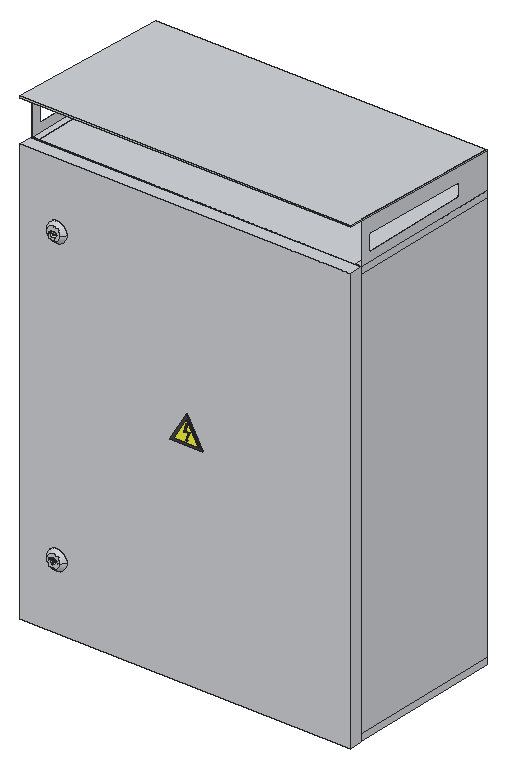
Revit family "STS-504А_RV17_LOD400 (05.11.23)", category Электрооборудование, Revit 2017
Family settings
  Конфигурация панели = Два столбца, слева направо
  Размер круглого соединителя = Использовать диаметр
  Тип детали = Щит
  На основе рабочей плоскости = Нет
  Всегда вертикально = Да
  При загрузке вырезать с полостями = Нет
  Общий = Нет
  Точка расчета площади = Нет
Parameters (values of type "STS-504А")
  Смещение_УГО_Y [instance] = 0 mm
  Смещение_УГО_X [instance] = 0 mm
  Раздел проекта [instance] = ""
  Раздел Спецификации [instance] = ""
  Номинальный ток автоматического выключателя напряжения питания, А = 25 A
  Напряжение электропитания постоянного тока вентилятора, В = 12
  Напряжение электропитания переменного тока, В/Гц = "220/50"
  Напряжение = "220"
  Конфигуратор контроллера STS-504 = "https://stilsoft.ru/calc504"
  Диапазон рабочих температур, °С = "от –40 до +50"
  Включение вентиляции при температуре, от, °С = 35
  Видимость_дверь [instance] = yes
  Видимость_УГО [instance] = yes
  Вариант исполнения = "уличный"
  В_Смещение_УГО_Y [instance] = Смещение_УГО_Y + 2000 mm  # 2000 mm
  В_Смещение_УГО_X [instance] = Смещение_УГО_X + 2000 mm  # 2000 mm
  d_короба = 0 mm
  ADSK_Размер_Ширина = 500 mm
  ADSK_Размер_Глубина = 257 mm
  ADSK_Размер_Высота = 715 mm
  ADSK_Примечание = ""
  ADSK_Наименование = "Контроллер STS-504A"
  ADSK_Масса = 17
  ADSK_Марка = "СТВФ.426471.470"
  ADSK_Количество = 1
  ADSK_Завод-изготовитель = "ООО «Основа Безопасности»"  # constant formula
  ADSK_Единица измерения = "шт."  # constant formula
  ADSK_URL страницы изделия = "https://stilsoft.ru/products/sts-504a"
  ADSK_URL документации изделия = ""
Reference planes
  plane 1 "По центру (Вперед/Назад)": y = 0
  plane 2: z = 0
  plane 3 "По центру (Влево/Вправо)": x = 0
  plane 4: y = 2000
  plane 5: x = -2000
  plane 6: x = 0
  plane 7: y = 0
  plane 8 "4": x = 250
  plane 9 "3": x = -250
  plane 10 "дверь": y = -257
  plane 11: z = 650
  plane 12 "1": z = 6
  plane 13 "крыша": through (0, -257, 713) normal (0, -0.0389, -0.9992)
  plane 14: z = 715
Forms (mm)
  Extrusion 1, solid, detail levels medium+fine
    sketch origin (0, 0, 0) x (1, 0, 0) y (0, 1, 0)
      loop
        line (-250, 0) -> (-250, -235) -> (-240, -235) -> (-240, -10) -> (240, -10) -> (240, -235) -> (250, -235) -> (250, 0) -> (-250, 0)
    from 16 to 650
  Extrusion 2, solid, detail levels medium+fine
    sketch origin (0, 0, 0) x (1, 0, 0) y (0, 0, 1)
      loop
        line (-250, 16) -> (-250, 6) -> (250, 6) -> (250, 16) -> (-250, 16)
      loop
        line (-250, 650) -> (-250, 640) -> (250, 640) -> (250, 650) -> (-250, 650)
    from 0 to 235
  Revolve 3, solid, detail levels medium+fine
    sketch origin (-125, -42.49, 0) x (0, -1, 0) y (0, 0, 1)
      loop
        line (0, 0) -> (12, 0) -> (12, 2) -> (14.5, 2) -> (14.5, 4) -> (17, 4) -> (17, 4.951) -> (20.994, 4.951) -> (20.994, 6) -> (0, 6) -> (0, 0)
      axis (0, 6) -> (0, 0)
    angle from 0 to 360
  Revolve 4, solid, detail levels medium+fine
    sketch origin (-75, -55.774, 1200) x (0, -1, 0) y (0, 0, 1)
      loop
        line (-13.284, -1200) -> (-1.284, -1200) -> (-1.284, -1198) -> (1.216, -1198) -> (1.216, -1196) -> (3.716, -1196) -> (3.716, -1195.049) -> (7.71, -1195.049) -> (7.71, -1194) -> (-13.284, -1194) -> (-13.284, -1200)
      axis (-13.284, -1194) -> (-13.284, -1200)
    angle from 0 to 360
  Revolve 5, solid, detail levels medium+fine
    sketch origin (-25, -42.49, 0) x (0, -1, 0) y (0, 0, 1)
      loop
        line (0, 0) -> (12, 0) -> (12, 2) -> (14.5, 2) -> (14.5, 4) -> (17, 4) -> (17, 4.951) -> (20.994, 4.951) -> (20.994, 6) -> (0, 6) -> (0, 0)
      axis (0, 6) -> (0, 0)
    angle from 0 to 360
  Revolve 6, solid, detail levels medium+fine
    sketch origin (25, -55.774, 1200) x (0, -1, 0) y (0, 0, 1)
      loop
        line (-13.284, -1200) -> (-1.284, -1200) -> (-1.284, -1198) -> (1.216, -1198) -> (1.216, -1196) -> (3.716, -1196) -> (3.716, -1195.049) -> (7.71, -1195.049) -> (7.71, -1194) -> (-13.284, -1194) -> (-13.284, -1200)
      axis (-13.284, -1194) -> (-13.284, -1200)
    angle from 0 to 360
  Revolve 7, solid, detail levels medium+fine
    sketch origin (75, -42.49, 0) x (0, -1, 0) y (0, 0, 1)
      loop
        line (0, 0) -> (12, 0) -> (12, 2) -> (14.5, 2) -> (14.5, 4) -> (17, 4) -> (17, 4.951) -> (20.994, 4.951) -> (20.994, 6) -> (0, 6) -> (0, 0)
      axis (0, 6) -> (0, 0)
    angle from 0 to 360
  Revolve 8, solid, detail levels medium+fine
    sketch origin (125, -55.774, 1200) x (0, -1, 0) y (0, 0, 1)
      loop
        line (-13.284, -1200) -> (-1.284, -1200) -> (-1.284, -1198) -> (1.216, -1198) -> (1.216, -1196) -> (3.716, -1196) -> (3.716, -1195.049) -> (7.71, -1195.049) -> (7.71, -1194) -> (-13.284, -1194) -> (-13.284, -1200)
      axis (-13.284, -1194) -> (-13.284, -1200)
    angle from 0 to 360
  Revolve 9, solid, detail levels medium+fine
    sketch origin (-100, -97, 0) x (0, -1, 0) y (0, 0, 1)
      loop
        line (0, 0) -> (12, 0) -> (12, 2) -> (14.5, 2) -> (14.5, 4) -> (17, 4) -> (17, 4.951) -> (20.994, 4.951) -> (20.994, 6) -> (0, 6) -> (0, 0)
      axis (0, 6) -> (0, 0)
    angle from 0 to 360
  Revolve 10, solid, detail levels medium+fine
    sketch origin (-50, -110.284, 1200) x (0, -1, 0) y (0, 0, 1)
      loop
        line (-13.284, -1200) -> (-1.284, -1200) -> (-1.284, -1198) -> (1.216, -1198) -> (1.216, -1196) -> (3.716, -1196) -> (3.716, -1195.049) -> (7.71, -1195.049) -> (7.71, -1194) -> (-13.284, -1194) -> (-13.284, -1200)
      axis (-13.284, -1194) -> (-13.284, -1200)
    angle from 0 to 360
  Revolve 11, solid, detail levels medium+fine
    sketch origin (0, -97, 0) x (0, -1, 0) y (0, 0, 1)
      loop
        line (0, 0) -> (12, 0) -> (12, 2) -> (14.5, 2) -> (14.5, 4) -> (17, 4) -> (17, 4.951) -> (20.994, 4.951) -> (20.994, 6) -> (0, 6) -> (0, 0)
      axis (0, 6) -> (0, 0)
    angle from 0 to 360
  Revolve 12, solid, detail levels medium+fine
    sketch origin (50, -110.284, 1200) x (0, -1, 0) y (0, 0, 1)
      loop
        line (-13.284, -1200) -> (-1.284, -1200) -> (-1.284, -1198) -> (1.216, -1198) -> (1.216, -1196) -> (3.716, -1196) -> (3.716, -1195.049) -> (7.71, -1195.049) -> (7.71, -1194) -> (-13.284, -1194) -> (-13.284, -1200)
      axis (-13.284, -1194) -> (-13.284, -1200)
    angle from 0 to 360
  Revolve 13, solid, detail levels medium+fine
    sketch origin (100, -97, 0) x (0, -1, 0) y (0, 0, 1)
      loop
        line (0, 0) -> (12, 0) -> (12, 2) -> (14.5, 2) -> (14.5, 4) -> (17, 4) -> (17, 4.951) -> (20.994, 4.951) -> (20.994, 6) -> (0, 6) -> (0, 0)
      axis (0, 6) -> (0, 0)
    angle from 0 to 360
  Extrusion 14, void
    sketch origin (0, 0, 0) x (1, 0, 0) y (0, 1, 0)
      loop
        circle (-125, -42.655) r 21.159
      loop
        circle (-75, -42.655) r 21.159
      loop
        circle (-25, -42.655) r 21.159
      loop
        circle (25, -42.655) r 21.159
      loop
        circle (75, -42.655) r 21.159
      loop
        circle (125, -42.655) r 21.159
      loop
        circle (-100, -97.165) r 21.159
      loop
        circle (-50, -97.165) r 21.159
      loop
        circle (0, -97.165) r 21.159
      loop
        circle (50, -97.165) r 21.159
      loop
        circle (100, -97.165) r 21.159
    from 6 to 16
  Extrusion 15, solid, visible <- "Видимость_дверь", detail levels medium+fine
    sketch origin (0, -257, -6.264) x (1, 0, 0) y (0, 0, 1)
      loop
        line (-250, 656.264) -> (-250, 12.264) -> (250, 12.264) -> (250, 656.264) -> (-250, 656.264)
    from 0 to -20
  Extrusion 16, solid, detail levels medium+fine
    sketch origin (-250, 0, 0) x (0, -1, 0) y (0, 0, 1)
      loop
        line (0, 703) -> (257, 713) -> (257, 715) -> (0, 705) -> (0, 703)
    from 0 to -500
  Extrusion 17, solid, detail levels medium+fine
    sketch origin (-250, 0, -60) x (0, -1, 0) y (0, 0, 1)
      loop
        line (0, 763) -> (0, 710) -> (235, 710) -> (235, 772.144) -> (0, 763)
      loop
        line (53.915, 722.913) -> (217.367, 722.913)
        arc (217.367, 722.913) -> (220.373, 724.158) -> (221.619, 727.165) r 4.252
        line (221.619, 727.165) -> (221.619, 746.005)
        arc (221.619, 746.005) -> (220.46, 748.802) -> (217.664, 749.96) r 3.955
        line (217.664, 749.96) -> (54.15, 743.597)
        arc (54.15, 743.597) -> (52.36, 742.855) -> (51.618, 741.064) r 2.532
        line (51.618, 741.064) -> (51.618, 725.21)
        arc (51.618, 725.21) -> (52.291, 723.585) -> (53.915, 722.913) r 2.297
    from 0 to -1
  Blend 18, solid, visible <- "Видимость_дверь", detail levels medium+fine
    base sketch origin (-257.145, -257, 209.136) x (1, 0, 0) y (0, 0, 1)
      loop
        circle (62.491, 341.124) r 15
    top sketch origin (-257.145, -257, 209.136) x (1, 0, 0) y (0, 0, 1)
      loop
        circle (62.491, 341.124) r 10
    from 0 to 6
  Extrusion 19, void, detail levels medium+fine
    sketch origin (-257.145, -257, 209.136) x (1, 0, 0) y (0, 0, 1)
      loop
        circle (62.263, 340.268) r 0.888
      loop
        line (55.364, 341.514) -> (55.364, 339.117) -> (57.397, 339.117)
        arc (57.397, 339.117) -> (62.263, 335.268) -> (67.128, 339.117) r 5
        line (67.128, 339.117) -> (69.161, 339.117) -> (69.161, 341.514) -> (67.105, 341.514)
        arc (67.105, 341.514) -> (62.263, 345.268) -> (57.42, 341.514) r 5
        line (57.42, 341.514) -> (55.364, 341.514)
    from 6 to 0.529
  Blend 20, solid, visible <- "Видимость_дверь", detail levels medium+fine
    base sketch origin (-257.145, -257, 296.864) x (1, 0, 0) y (0, 0, 1)
      loop
        circle (62.491, -191.124) r 15
    top sketch origin (-257.145, -257, 296.864) x (1, 0, 0) y (0, 0, 1)
      loop
        circle (62.491, -191.124) r 10
    from 0 to 6
  Extrusion 21, void, detail levels medium+fine
    sketch origin (-257.145, -257, 296.864) x (1, 0, 0) y (0, 0, 1)
      loop
        circle (62.263, -190.268) r 0.888
      loop
        line (55.364, -191.514) -> (57.42, -191.514)
        arc (57.42, -191.514) -> (62.263, -195.268) -> (67.105, -191.514) r 5
        line (67.105, -191.514) -> (69.161, -191.514) -> (69.161, -189.117) -> (67.128, -189.117)
        arc (67.128, -189.117) -> (62.263, -185.268) -> (57.397, -189.117) r 5
        line (57.397, -189.117) -> (55.364, -189.117) -> (55.364, -191.514)
    from 6 to 0.529
  Extrusion 22, solid, material "ЗНАЧЕК (1)", visible <- "Видимость_дверь", detail levels medium+fine
    sketch origin (2.041, -257, 199.413) x (1, 0, 0) y (0, 0, 1)
      loop
        line (25, 130) -> (0, 173) -> (-25, 130) -> (25, 130)
    from 0 to 0.2
  Extrusion 23, solid, material "ЗНАЧЕК (2)", visible <- "Видимость_дверь", detail levels medium+fine
    sketch origin (2.041, -257, 199.413) x (1, 0, 0) y (0, 0, 1)
      loop
        line (18, 134) -> (0, 165) -> (-18, 134) -> (18, 134)
    from 0 to 0.3
  Extrusion 24, solid, material "ЗНАЧЕК (1)", visible <- "Видимость_дверь", detail levels medium+fine
    sketch origin (2.041, -257, 199.413) x (1, 0, 0) y (0, 0, 1)
      loop
        line (0, 159.8) -> (-1.4, 159.8) -> (-4.015, 147.497) -> (2.6, 148.075) -> (-0.309, 137.932) -> (-1.555, 137.932) -> (0, 135.238) -> (1.886, 137.932) -> (0.321, 137.932) -> (4.567, 149.598) -> (-2.041, 149.251) -> (1.799, 159.8) -> (0, 159.8)
    from 0 to 0.4
  Extrusion 25, solid, detail levels medium+fine
    sketch origin (250, 0, -60) x (0, -1, 0) y (0, 0, -1)
      loop
        line (0, -765) -> (235, -774.144) -> (235, -710) -> (0, -710) -> (0, -765)
      loop
        arc (53.915, -722.913) -> (52.291, -723.585) -> (51.618, -725.21) r 2.297
        line (51.618, -725.21) -> (51.618, -741.064)
        arc (51.618, -741.064) -> (52.36, -742.855) -> (54.15, -743.597) r 2.532
        line (54.15, -743.597) -> (217.664, -749.96)
        arc (217.664, -749.96) -> (220.46, -748.802) -> (221.619, -746.005) r 3.955
        line (221.619, -746.005) -> (221.619, -727.165)
        arc (221.619, -727.165) -> (220.373, -724.158) -> (217.367, -722.913) r 4.252
        line (217.367, -722.913) -> (53.915, -722.913)
    from 0 to -1
Cuts and joins
  Extrusion 14 cuts Extrusion 2
  Extrusion 19, Extrusion 21 cuts Blend 18
  Extrusion 21 cuts Blend 20
Dimensions and locks
  locked: plane 4 to plane 1 "По центру (Вперед/Назад)" at 2000
  locked: plane 5 to plane 3 "По центру (Влево/Вправо)" at 2000
  "В_Смещение_УГО_X": plane 5 to plane 6
  "В_Смещение_УГО_Y": plane 4 to plane 7
  "ADSK_Размер_Ширина": plane 9 "3" to plane 8 "4"
  "ADSK_Размер_Глубина": plane 10 "дверь" to plane 1 "По центру (Вперед/Назад)"
  equal spacing: plane 9 "3", plane 3 "По центру (Влево/Вправо)", plane 8 "4"
  "ADSK_Размер_Высота": plane 14 to level
  aligned and locked: level to plane 2
  aligned and locked: nested 1 to plane 7
  aligned and locked: plane 6 to nested 1
Automatic sketch dimensions
  plane 1 "По центру (Вперед/Назад)" to Extrusion 1 sketch curve = 0 mm
  Extrusion 1 sketch curve to plane 9 "3" = 0 mm
  Extrusion 1 sketch curve to plane 8 "4" = 0 mm
  Extrusion 1 sketch curve to plane 9 "3" = 10 mm
  Extrusion 1 sketch curve to plane 8 "4" = 10 mm
  plane 1 "По центру (Вперед/Назад)" to Extrusion 1 sketch curve = 10 mm
  Extrusion 1 sketch curve to plane 10 "дверь" = 22 mm  (x2)
  plane 9 "3" to Extrusion 2 sketch curve = 0 mm  (x2)
  Extrusion 2 sketch curve to plane 8 "4" = 0 mm  (x2)
  Extrusion 2 sketch curve to plane 12 "1" = 0 mm
  Extrusion 2 sketch curve to plane 11 = 0 mm
  plane 12 "1" to Extrusion 2 sketch curve = 10 mm
  Extrusion 2 sketch curve to plane 11 = 10 mm
  Revolve 3 sketch curve to plane 12 "1" = 0 mm  (x2)
  Revolve 3 sketch curve to level = 0 mm  (x2)
  plane 1 "По центру (Вперед/Назад)" to Revolve 3 sketch curve = 42.49 mm
  level to Revolve 3 sketch curve = 2 mm
  Revolve 3 sketch curve to Revolve 3 sketch curve = 12 mm
  Revolve 3 sketch curve to Revolve 3 sketch curve = 2.5 mm  (x2)
  Revolve 3 sketch curve to plane 12 "1" = 1.049 mm
  Revolve 3 sketch curve to Revolve 3 sketch curve = 3.994 mm
  Revolve 3 sketch curve to plane 12 "1" = 2 mm
  Revolve 3 sketch curve to Revolve 3 sketch curve = 0 mm
  Revolve 4 sketch curve to plane 12 "1" = 0 mm  (x2)
  Revolve 4 sketch curve to level = 0 mm  (x2)
  plane 1 "По центру (Вперед/Назад)" to Revolve 4 sketch curve = 42.49 mm
  level to Revolve 4 sketch curve = 2 mm
  Revolve 4 sketch curve to Revolve 4 sketch curve = 12 mm
  Revolve 4 sketch curve to Revolve 4 sketch curve = 2.5 mm  (x2)
  Revolve 4 sketch curve to plane 12 "1" = 1.049 mm
  Revolve 4 sketch curve to Revolve 4 sketch curve = 3.994 mm
  Revolve 4 sketch curve to plane 12 "1" = 2 mm
  Revolve 4 sketch curve to Revolve 4 sketch curve = 0 mm
  Revolve 5 sketch curve to plane 12 "1" = 0 mm  (x2)
  Revolve 5 sketch curve to level = 0 mm  (x2)
  plane 1 "По центру (Вперед/Назад)" to Revolve 5 sketch curve = 42.49 mm
  level to Revolve 5 sketch curve = 2 mm
  Revolve 5 sketch curve to Revolve 5 sketch curve = 12 mm
  Revolve 5 sketch curve to Revolve 5 sketch curve = 2.5 mm  (x2)
  Revolve 5 sketch curve to plane 12 "1" = 1.049 mm
  Revolve 5 sketch curve to Revolve 5 sketch curve = 3.994 mm
  Revolve 5 sketch curve to plane 12 "1" = 2 mm
  Revolve 5 sketch curve to Revolve 5 sketch curve = 0 mm
  Revolve 6 sketch curve to plane 12 "1" = 0 mm  (x2)
  Revolve 6 sketch curve to level = 0 mm  (x2)
  plane 1 "По центру (Вперед/Назад)" to Revolve 6 sketch curve = 42.49 mm
  level to Revolve 6 sketch curve = 2 mm
  Revolve 6 sketch curve to Revolve 6 sketch curve = 12 mm
  Revolve 6 sketch curve to Revolve 6 sketch curve = 2.5 mm  (x2)
  Revolve 6 sketch curve to plane 12 "1" = 1.049 mm
  Revolve 6 sketch curve to Revolve 6 sketch curve = 3.994 mm
  Revolve 6 sketch curve to plane 12 "1" = 2 mm
  Revolve 6 sketch curve to Revolve 6 sketch curve = 0 mm
  Revolve 7 sketch curve to plane 12 "1" = 0 mm  (x2)
  Revolve 7 sketch curve to level = 0 mm  (x2)
  plane 1 "По центру (Вперед/Назад)" to Revolve 7 sketch curve = 42.49 mm
  level to Revolve 7 sketch curve = 2 mm
  Revolve 7 sketch curve to Revolve 7 sketch curve = 12 mm
  Revolve 7 sketch curve to Revolve 7 sketch curve = 2.5 mm  (x2)
  Revolve 7 sketch curve to plane 12 "1" = 1.049 mm
  Revolve 7 sketch curve to Revolve 7 sketch curve = 3.994 mm
  Revolve 7 sketch curve to plane 12 "1" = 2 mm
  Revolve 7 sketch curve to Revolve 7 sketch curve = 0 mm
  Revolve 8 sketch curve to plane 12 "1" = 0 mm  (x2)
  Revolve 8 sketch curve to level = 0 mm  (x2)
  plane 1 "По центру (Вперед/Назад)" to Revolve 8 sketch curve = 42.49 mm
  level to Revolve 8 sketch curve = 2 mm
  Revolve 8 sketch curve to Revolve 8 sketch curve = 12 mm
  Revolve 8 sketch curve to Revolve 8 sketch curve = 2.5 mm  (x2)
  Revolve 8 sketch curve to plane 12 "1" = 1.049 mm
  Revolve 8 sketch curve to Revolve 8 sketch curve = 3.994 mm
  Revolve 8 sketch curve to plane 12 "1" = 2 mm
  Revolve 8 sketch curve to Revolve 8 sketch curve = 0 mm
  Revolve 9 sketch curve to plane 12 "1" = 0 mm  (x2)
  Revolve 9 sketch curve to level = 0 mm  (x2)
  plane 1 "По центру (Вперед/Назад)" to Revolve 9 sketch curve = 97 mm
  level to Revolve 9 sketch curve = 2 mm
  Revolve 9 sketch curve to Revolve 9 sketch curve = 12 mm
  Revolve 9 sketch curve to Revolve 9 sketch curve = 2.5 mm  (x2)
  Revolve 9 sketch curve to plane 12 "1" = 1.049 mm
  Revolve 9 sketch curve to Revolve 9 sketch curve = 3.994 mm
  Revolve 9 sketch curve to plane 12 "1" = 2 mm
  Revolve 9 sketch curve to Revolve 9 sketch curve = 0 mm
  Revolve 10 sketch curve to plane 12 "1" = 0 mm  (x2)
  Revolve 10 sketch curve to level = 0 mm  (x2)
  plane 1 "По центру (Вперед/Назад)" to Revolve 10 sketch curve = 97 mm
  level to Revolve 10 sketch curve = 2 mm
  Revolve 10 sketch curve to Revolve 10 sketch curve = 12 mm
  Revolve 10 sketch curve to Revolve 10 sketch curve = 2.5 mm  (x2)
  Revolve 10 sketch curve to plane 12 "1" = 1.049 mm
  Revolve 10 sketch curve to Revolve 10 sketch curve = 3.994 mm
  Revolve 10 sketch curve to plane 12 "1" = 2 mm
  Revolve 10 sketch curve to Revolve 10 sketch curve = 0 mm
  Revolve 11 sketch curve to plane 12 "1" = 0 mm  (x2)
  Revolve 11 sketch curve to level = 0 mm  (x2)
  plane 1 "По центру (Вперед/Назад)" to Revolve 11 sketch curve = 97 mm
  level to Revolve 11 sketch curve = 2 mm
  Revolve 11 sketch curve to Revolve 11 sketch curve = 12 mm
  Revolve 11 sketch curve to Revolve 11 sketch curve = 2.5 mm  (x2)
  Revolve 11 sketch curve to plane 12 "1" = 1.049 mm
  Revolve 11 sketch curve to Revolve 11 sketch curve = 3.994 mm
  Revolve 11 sketch curve to plane 12 "1" = 2 mm
  Revolve 11 sketch curve to Revolve 11 sketch curve = 0 mm
  Revolve 12 sketch curve to plane 12 "1" = 0 mm  (x2)
  Revolve 12 sketch curve to level = 0 mm  (x2)
  plane 1 "По центру (Вперед/Назад)" to Revolve 12 sketch curve = 97 mm
  level to Revolve 12 sketch curve = 2 mm
  Revolve 12 sketch curve to Revolve 12 sketch curve = 12 mm
  Revolve 12 sketch curve to Revolve 12 sketch curve = 2.5 mm  (x2)
  Revolve 12 sketch curve to plane 12 "1" = 1.049 mm
  Revolve 12 sketch curve to Revolve 12 sketch curve = 3.994 mm
  Revolve 12 sketch curve to plane 12 "1" = 2 mm
  Revolve 12 sketch curve to Revolve 12 sketch curve = 0 mm
  Revolve 13 sketch curve to plane 12 "1" = 0 mm  (x2)
  Revolve 13 sketch curve to level = 0 mm  (x2)
  plane 1 "По центру (Вперед/Назад)" to Revolve 13 sketch curve = 97 mm
  level to Revolve 13 sketch curve = 2 mm
  Revolve 13 sketch curve to Revolve 13 sketch curve = 12 mm
  Revolve 13 sketch curve to Revolve 13 sketch curve = 2.5 mm  (x2)
  Revolve 13 sketch curve to plane 12 "1" = 1.049 mm
  Revolve 13 sketch curve to Revolve 13 sketch curve = 3.994 mm
  Revolve 13 sketch curve to plane 12 "1" = 2 mm
  Revolve 13 sketch curve to Revolve 13 sketch curve = 0 mm
  Extrusion 14 sketch curve to plane 3 "По центру (Влево/Вправо)" = 0 mm
  Extrusion 14 sketch curve to plane 3 "По центру (Влево/Вправо)" = 25 mm
  Extrusion 14 sketch curve to plane 3 "По центру (Влево/Вправо)" = 50 mm
  Extrusion 14 sketch curve to Extrusion 14 sketch curve = 50 mm  (x7)
  plane 3 "По центру (Влево/Вправо)" to Extrusion 14 sketch curve = 25 mm
  plane 1 "По центру (Вперед/Назад)" to Extrusion 14 sketch curve = 97.165 mm  (x2)
  Extrusion 14 sketch curve to Extrusion 14 sketch curve = 0 mm  (x3)
  plane 1 "По центру (Вперед/Назад)" to Extrusion 14 sketch curve = 42.655 mm  (x6)
  plane 9 "3" to Extrusion 15 sketch curve = 0 mm
  Extrusion 15 sketch curve to plane 8 "4" = 0 mm
  Extrusion 15 sketch curve to plane 12 "1" = 0 mm
  Extrusion 15 sketch curve to plane 11 = 0 mm
  Extrusion 16 sketch curve to plane 1 "По центру (Вперед/Назад)" = 0 mm
  Extrusion 16 sketch curve to plane 10 "дверь" = 0 mm
  plane 13 "крыша" to Extrusion 16 sketch curve = 0 mm  (x2)
  Extrusion 16 sketch curve to Extrusion 16 sketch curve = 2 mm  (x2)
  Extrusion 17 sketch curve to plane 1 "По центру (Вперед/Назад)" = 0 mm
  Extrusion 17 sketch curve to plane 10 "дверь" = 22 mm
  Extrusion 17 sketch curve to plane 11 = 0 mm
  plane 13 "крыша" to Extrusion 17 sketch curve = 0 mm  (x2)
  plane 1 "По центру (Вперед/Назад)" to Extrusion 17 sketch curve = 51.618 mm
  Extrusion 17 sketch curve to Extrusion 17 sketch curve = 2.297 mm
  Extrusion 17 sketch curve to Extrusion 17 sketch curve = 2.532 mm
  plane 11 to Extrusion 17 sketch curve = 12.913 mm
  Extrusion 17 sketch curve to plane 10 "дверь" = 39.633 mm
  Extrusion 17 sketch curve to Extrusion 17 sketch curve = 0.297 mm
  Extrusion 17 sketch curve to Extrusion 17 sketch curve = 3.955 mm
  Extrusion 17 sketch curve to Extrusion 17 sketch curve = 15.855 mm
  Extrusion 17 sketch curve to Extrusion 17 sketch curve = 18.841 mm
  Blend 18 sketch curve to plane 9 "3" = 55.347 mm  (x2)
  Blend 18 sketch curve to plane 11 = 99.74 mm  (x2)
  Extrusion 19 sketch curve to Extrusion 19 sketch curve = 0 mm  (x6)
  Extrusion 19 sketch curve to plane 9 "3" = 48.219 mm
  Extrusion 19 sketch curve to Extrusion 19 sketch curve = 2.033 mm
  Extrusion 19 sketch curve to Extrusion 19 sketch curve = 2.057 mm  (x2)
  Extrusion 19 sketch curve to Extrusion 19 sketch curve = 4.866 mm
  Extrusion 19 sketch curve to Extrusion 19 sketch curve = 4.842 mm
  Extrusion 19 sketch curve to Extrusion 19 sketch curve = 0.023 mm
  Extrusion 19 sketch curve to plane 11 = 101.747 mm
  Extrusion 19 sketch curve to Extrusion 19 sketch curve = 1.151 mm
  Extrusion 19 sketch curve to Extrusion 19 sketch curve = 2.396 mm
  Blend 20 sketch curve to plane 9 "3" = 55.347 mm  (x2)
  plane 12 "1" to Blend 20 sketch curve = 99.74 mm  (x2)
  Extrusion 21 sketch curve to Extrusion 21 sketch curve = 0 mm  (x6)
  Extrusion 21 sketch curve to plane 9 "3" = 48.219 mm
  Extrusion 21 sketch curve to Extrusion 21 sketch curve = 2.033 mm
  Extrusion 21 sketch curve to Extrusion 21 sketch curve = 2.057 mm  (x2)
  Extrusion 21 sketch curve to Extrusion 21 sketch curve = 4.866 mm
  Extrusion 21 sketch curve to Extrusion 21 sketch curve = 4.842 mm
  Extrusion 21 sketch curve to Extrusion 21 sketch curve = 0.023 mm
  plane 12 "1" to Extrusion 21 sketch curve = 99.351 mm
  Extrusion 21 sketch curve to Extrusion 21 sketch curve = 1.246 mm
  Extrusion 21 sketch curve to Extrusion 21 sketch curve = 2.396 mm
  Extrusion 22 sketch curve to plane 3 "По центру (Влево/Вправо)" = 22.959 mm
  plane 3 "По центру (Влево/Вправо)" to Extrusion 22 sketch curve = 2.041 mm
  plane 3 "По центру (Влево/Вправо)" to Extrusion 22 sketch curve = 27.041 mm
  plane 12 "1" to Extrusion 22 sketch curve = 323.413 mm
  Extrusion 22 sketch curve to Extrusion 22 sketch curve = 43 mm
  Extrusion 23 sketch curve to plane 3 "По центру (Влево/Вправо)" = 15.959 mm
  plane 3 "По центру (Влево/Вправо)" to Extrusion 23 sketch curve = 2.041 mm
  plane 3 "По центру (Влево/Вправо)" to Extrusion 23 sketch curve = 20.041 mm
  plane 12 "1" to Extrusion 23 sketch curve = 327.413 mm
  Extrusion 23 sketch curve to Extrusion 23 sketch curve = 31 mm
  Extrusion 24 sketch curve to plane 3 "По центру (Влево/Вправо)" = 1.975 mm
  Extrusion 24 sketch curve to Extrusion 24 sketch curve = 1.975 mm
  plane 3 "По центру (Влево/Вправо)" to Extrusion 24 sketch curve = 0.485 mm
  plane 3 "По центру (Влево/Вправо)" to Extrusion 24 sketch curve = 0.641 mm
  Extrusion 24 sketch curve to Extrusion 24 sketch curve = 1.246 mm
  Extrusion 24 sketch curve to Extrusion 24 sketch curve = 1.4 mm
  Extrusion 24 sketch curve to Extrusion 24 sketch curve = 0.309 mm
  Extrusion 24 sketch curve to Extrusion 24 sketch curve = 0.63 mm
  Extrusion 24 sketch curve to Extrusion 24 sketch curve = 1.799 mm
  Extrusion 24 sketch curve to Extrusion 24 sketch curve = 1.565 mm
  Extrusion 24 sketch curve to Extrusion 24 sketch curve = 4.64 mm
  Extrusion 24 sketch curve to Extrusion 24 sketch curve = 1.968 mm
  plane 12 "1" to Extrusion 24 sketch curve = 328.651 mm
  Extrusion 24 sketch curve to Extrusion 24 sketch curve = 2.694 mm
  Extrusion 24 sketch curve to Extrusion 24 sketch curve = 0 mm
  Extrusion 24 sketch curve to Extrusion 24 sketch curve = 9.564 mm
  Extrusion 24 sketch curve to Extrusion 24 sketch curve = 0.579 mm
  Extrusion 24 sketch curve to Extrusion 24 sketch curve = 1.755 mm
  Extrusion 24 sketch curve to Extrusion 24 sketch curve = 1.522 mm
  Extrusion 24 sketch curve to Extrusion 24 sketch curve = 10.549 mm
  Extrusion 25 sketch curve to plane 1 "По центру (Вперед/Назад)" = 0 mm
  Extrusion 25 sketch curve to plane 10 "дверь" = 22 mm
  Extrusion 25 sketch curve to plane 13 "крыша" = 1.998 mm  (x2)
  Extrusion 25 sketch curve to plane 11 = 0 mm
  plane 1 "По центру (Вперед/Назад)" to Extrusion 25 sketch curve = 51.618 mm
  Extrusion 25 sketch curve to Extrusion 25 sketch curve = 2.297 mm
  Extrusion 25 sketch curve to Extrusion 25 sketch curve = 2.532 mm
  plane 11 to Extrusion 25 sketch curve = 12.913 mm
  Extrusion 25 sketch curve to plane 10 "дверь" = 39.633 mm
  Extrusion 25 sketch curve to Extrusion 25 sketch curve = 0.297 mm
  Extrusion 25 sketch curve to Extrusion 25 sketch curve = 3.955 mm
  Extrusion 25 sketch curve to Extrusion 25 sketch curve = 22.796 mm
  Extrusion 25 sketch curve to Extrusion 25 sketch curve = 18.387 mm
  radius of Extrusion 14 sketch curve = 21.159 mm  (x11)
  radius of Blend 18 sketch curve = 15 mm
  radius of Blend 18 sketch curve = 10 mm
  radius of Extrusion 19 sketch curve = 0.888 mm
  radius of Blend 20 sketch curve = 15 mm
  radius of Blend 20 sketch curve = 10 mm
  radius of Extrusion 21 sketch curve = 0.888 mm
Nested families
  nested 1: "УГО_Контроллер" at (0, 0, 0), visible <- "Видимость_УГО", type "УГО_Контроллер", detail levels coarse
Definition of nested family "УГО_Контроллер"
  Reference planes
    plane 1: y = 0
    plane 2: x = 0
  Lines and regions (mm)
    Filled region 1, type "Цветовая область 1"
      outline origin (0, 0, 0) x (1, 0, 0) y (0, 1, 0)
        loop
          line (0, -2.5) -> (0, -5) -> (5, -5) -> (5, -2.5) -> (0, -2.5)
    detail lines
      curve 1: line (5, 0, 0) -> (5, -5, 0)
      curve 2: line (5, -5, 0) -> (-5, -5, 0)
      curve 3: line (-5, -5, 0) -> (-5, 0, 0)
      curve 4: line (-5, 0, 0) -> (5, 0, 0)
      curve 5: line (5, -2.5, 0) -> (0, -2.5, 0)
      curve 6: line (0, -2.5, 0) -> (0, -5, 0)
